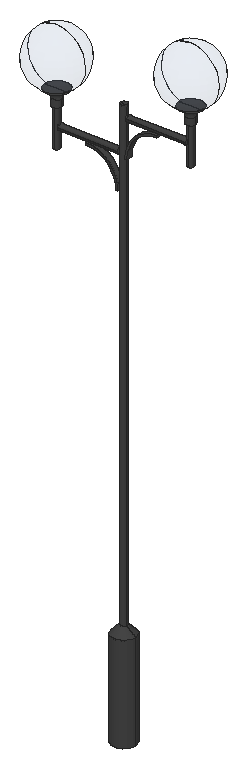
Revit family
Parameters
  Wattage = 9.2903 W
  built-in parameter 1150110 = 1 (stored number, unit not read)
  built-in parameter 1114217 = 1 (stored number, unit not read)
  built-in parameter 1150109 = 1 (stored number, unit not read)
  built-in parameter 1150134 = 3
  built-in parameter 1150113 = 1 (stored number, unit not read)
  Material Post = Metal - Black
  Material Lamp Glazing = Glass - Blue Frosted
  built-in parameter 1150105 = 109.82 (stored number, unit not read)
  Lumens = 1380 lm
  built-in parameter 1150115 = 1 (stored number, unit not read)
  Light Source Symbol Size = 609.6 mm
  built-in parameter 1150137 = (empty or 0)
  built-in parameter 1150139 = (empty or 0)
  built-in parameter 1150112 = 1 (stored number, unit not read)
  built-in parameter 1150114 = 1 (stored number, unit not read)
  Keynote = "V"
  built-in parameter 1150132 = 2
  built-in parameter 1150102 = (empty or 0)
  built-in parameter 1150107 = 3200 (stored number, unit not read)
  built-in parameter 1150138 = (empty or 0)
  built-in parameter 1150106 = 1.0982 (stored number, unit not read)
  Fixture Height = 3000 mm
  built-in parameter 1150104 = 13.8 (stored number, unit not read)
  Dimming Lamp Color Temperature Shift = (empty or 0)
  Color Filter = 16777215
  Base Height = 500 mm
  built-in parameter 1114218 = 1 (stored number, unit not read)
  built-in parameter 1150133 = 10 (stored number, unit not read)
Reference planes
  plane 1 "Light Source Axis (F/B)": y = 0
  plane 2: z = 0
  plane 3 "Light Source Axis (L/R)": x = 0
  plane 4 "Light Source Elevation": z = 3000
Forms (mm)
  Revolve 1, solid, material "Metal - Black" <- "Material Post"
    sketch origin (0, 0, 0) x (1, 0, 0) y (0, 0, 1)
      loop
        line (0, 0) -> (0, 2956.111) -> (-17.574, 2956.111) -> (-17.574, 542.426) -> (-60, 500) -> (-60, 0) -> (0, 0)
      axis (0, 0) -> (0, 2956.111)
    angle from 0 to 360
  Revolve 2, solid, material "Metal - Black" <- "Material Post"
    sketch origin (-97.613, 0, 140) x (1, 0, 0) y (0, 0, 1)
      loop
        line (-248.565, 2689.675) -> (-248.565, 2766.508) -> (-308.565, 2766.508)
        arc (-308.565, 2766.508) -> (-282.726, 2752.568) -> (-273.565, 2724.675) r 39.64
        line (-273.565, 2724.675) -> (-273.565, 2689.675) -> (-248.565, 2689.675)
      axis (-248.565, 2689.675) -> (-248.565, 2766.508)
    angle from 0 to 360
  Revolve 3, solid, material "Glass - Blue Frosted" <- "Material Lamp Glazing"
    sketch origin (-97.613, 0, 140) x (1, 0, 0) y (0, 0, 1)
      loop
        line (-248.565, 2761.508) -> (-248.565, 3058.37)
        arc (-248.565, 3058.37) -> (-397.779, 2923.713) -> (-279.09, 2761.508) r 150
        line (-279.09, 2761.508) -> (-248.565, 2761.508)
      axis (-248.565, 2761.508) -> (-248.565, 3058.37)
    angle from 0 to 360
  Revolve 4, solid, material "Metal - Black"
    sketch origin (97.869, 0, 300) x (-1, 0, 0) y (0, 0, 1)
      loop
        line (-248.565, 2689.675) -> (-248.565, 2766.508) -> (-308.565, 2766.508)
        arc (-308.565, 2766.508) -> (-282.726, 2752.568) -> (-273.565, 2724.675) r 39.64
        line (-273.565, 2724.675) -> (-273.565, 2689.675) -> (-248.565, 2689.675)
      axis (-248.565, 2689.675) -> (-248.565, 2766.508)
    angle from 0 to 360
  Revolve 5, solid, material "Glass - Blue Frosted" <- "Material Lamp Glazing"
    sketch origin (595, 0, 300) x (1, 0, 0) y (0, 0, 1)
      loop
        line (-248.565, 2761.508) -> (-248.565, 3058.37)
        arc (-248.565, 3058.37) -> (-397.779, 2923.713) -> (-279.09, 2761.508) r 150
        line (-279.09, 2761.508) -> (-248.565, 2761.508)
      axis (-248.565, 2761.508) -> (-248.565, 3058.37)
    angle from 0 to 360
  Sweep 6, solid, material "Metal - Black" <- "Material Post"
    path origin (0, 0, 0) x (1, 0, 0) y (0, 0, 1)
      loop
        line (-346.178, 2829.675) -> (-346.178, 2629.675)
    profile origin (0, 0, 2729.675) x (0, -1, 0) y (1, 0, 0)
      loop
        circle (0, -346.178) r 15
  Sweep 7, solid, material "Metal - Black" <- "Material Post"
    path origin (0, 0, 0) x (1, 0, 0) y (0, 0, 1)
      loop
        line (346.435, 2989.675) -> (346.435, 2789.675)
    profile origin (0, 0, 2889.675) x (0, -1, 0) y (1, 0, 0)
      loop
        circle (0, 346.435) r 15
  Sweep 8, solid, material "Metal - Black" <- "Material Post"
    path origin (0, 0, 0) x (1, 0, 0) y (0, 0, 1)
      loop
        arc (-182.505, 2720.357) -> (-62.505, 2670.651) -> (-12.799, 2550.651) r 169.706
    profile origin (-1366.578, 0, 1366.578) x (0.707107, 0, 0.707107) y (0, -1, 0)
      loop
        line (1829.238, 15) -> (1829.238, -15) -> (1839.238, -15) -> (1839.238, 15) -> (1829.238, 15)
  Sweep 9, solid, material "Metal - Black" <- "Material Post"
    path origin (5, 0, 0) x (1, 0, 0) y (0, 0, 1)
      loop
        arc (178.614, 2878.522) -> (62.088, 2830.256) -> (13.822, 2713.73) r 164.792
    profile origin (1448.672, 0, 1448.672) x (0.707107, 0, -0.707107) y (0, -1, 0)
      loop
        line (-1953.854, -15) -> (-1943.854, -15) -> (-1943.854, 15) -> (-1953.854, 15) -> (-1953.854, -15)
  Extrusion 10, solid, material "Metal - Black" <- "Material Post"
    sketch origin (0, 0, -23.109) x (0, 1, 0) y (0, 0, 1)
      loop
        circle (0, 2756.168) r 15
    from -17.827 to -331.081
  Extrusion 11, solid, material "Metal - Black" <- "Material Post"
    sketch origin (351.147, 0, 140.056) x (0, 1, 0) y (0, 0, 1)
      loop
        circle (0, 2756.168) r 15
    from -17.827 to -331.081
Dimensions and locks
  "Base Height": Revolve 1 sketch curve to Revolve 1 sketch curve
  "Fixture Height": plane 4 "Light Source Elevation" to plane 2
  aligned and locked: plane 3 "Light Source Axis (L/R)" to imposter light
  aligned and locked: imposter light to plane 1 "Light Source Axis (F/B)"
  aligned and locked: plane 4 "Light Source Elevation" to imposter light
Automatic sketch dimensions
  Revolve 1 sketch curve to level = 0 mm
  Revolve 1 sketch curve to plane 3 "Light Source Axis (L/R)" = 0 mm  (x2)
  Revolve 1 sketch curve to plane 3 "Light Source Axis (L/R)" = 60 mm
  Revolve 1 sketch curve to Revolve 1 sketch curve = 271.696 mm
  Revolve 1 sketch curve to Revolve 1 sketch curve = 42.426 mm
  plane 4 "Light Source Elevation" to Revolve 1 sketch curve = 43.889 mm
  Revolve 1 sketch curve to plane 4 "Light Source Elevation" = 1165.289 mm
  Revolve 2 sketch curve to plane 3 "Light Source Axis (L/R)" = 410.741 mm
  Revolve 2 sketch curve to Revolve 2 sketch curve = 4.563 mm
  Revolve 2 sketch curve to Revolve 2 sketch curve = 39.563 mm
  Revolve 2 sketch curve to Revolve 2 sketch curve = 25 mm
  Revolve 2 sketch curve to Revolve 2 sketch curve = 0 mm  (x2)
  plane 4 "Light Source Elevation" to Revolve 2 sketch curve = 170.325 mm
  Revolve 2 sketch curve to Revolve 2 sketch curve = 35 mm
  Revolve 2 sketch curve to Revolve 2 sketch curve = 2.458 mm
  Revolve 2 sketch curve to plane 4 "Light Source Elevation" = 279.675 mm
  plane 3 "Light Source Axis (L/R)" to Revolve 4 sketch curve = 410.998 mm
  Revolve 4 sketch curve to Revolve 4 sketch curve = 4.563 mm
  Revolve 4 sketch curve to Revolve 4 sketch curve = 39.563 mm
  Revolve 4 sketch curve to Revolve 4 sketch curve = 25 mm
  Revolve 4 sketch curve to Revolve 4 sketch curve = 0 mm  (x2)
  plane 4 "Light Source Elevation" to Revolve 4 sketch curve = 10.325 mm
  Revolve 4 sketch curve to Revolve 4 sketch curve = 35 mm
  Revolve 4 sketch curve to Revolve 4 sketch curve = 2.458 mm
  Revolve 4 sketch curve to plane 4 "Light Source Elevation" = 439.675 mm
  Revolve 3 sketch curve to plane 3 "Light Source Axis (L/R)" = 376.703 mm
  Revolve 3 sketch curve to Revolve 3 sketch curve = 30.525 mm
  Revolve 3 sketch curve to Revolve 3 sketch curve = 0 mm
  plane 4 "Light Source Elevation" to Revolve 3 sketch curve = 170.325 mm
  Revolve 3 sketch curve to Revolve 3 sketch curve = 71.834 mm
  Revolve 3 sketch curve to plane 4 "Light Source Elevation" = 48.37 mm
  Revolve 3 sketch curve to Revolve 3 sketch curve = 5 mm
  plane 3 "Light Source Axis (L/R)" to Revolve 5 sketch curve = 315.91 mm
  Revolve 5 sketch curve to Revolve 5 sketch curve = 30.525 mm
  Revolve 5 sketch curve to Revolve 5 sketch curve = 0 mm
  plane 4 "Light Source Elevation" to Revolve 5 sketch curve = 10.325 mm
  Revolve 5 sketch curve to Revolve 5 sketch curve = 71.834 mm
  Revolve 5 sketch curve to plane 4 "Light Source Elevation" = 208.37 mm
  Revolve 5 sketch curve to Revolve 5 sketch curve = 5 mm
  Revolve 1 sketch curve to Revolve 1 sketch curve = 17.574 mm
  Sweep 6 sketch curve to plane 3 "Light Source Axis (L/R)" = 346.178 mm
  plane 4 "Light Source Elevation" to Sweep 6 sketch curve = 370.325 mm
  plane 4 "Light Source Elevation" to Sweep 6 sketch curve = 170.325 mm
  Sweep 6 sketch curve to plane 1 "Light Source Axis (F/B)" = 0 mm
  Sweep 6 sketch curve to profile plane = 0 mm
  plane 3 "Light Source Axis (L/R)" to Sweep 7 sketch curve = 346.435 mm
  plane 4 "Light Source Elevation" to Sweep 7 sketch curve = 210.325 mm
  plane 4 "Light Source Elevation" to Sweep 7 sketch curve = 10.325 mm
  Sweep 7 sketch curve to plane 1 "Light Source Axis (F/B)" = 0 mm
  Sweep 7 sketch curve to profile plane = 0 mm
  Sweep 8 sketch curve to plane 3 "Light Source Axis (L/R)" = 182.505 mm
  Sweep 8 sketch curve to plane 3 "Light Source Axis (L/R)" = 12.799 mm
  plane 4 "Light Source Elevation" to Sweep 8 sketch curve = 449.349 mm
  profile plane to Sweep 8 sketch curve = 15 mm
  profile plane to Sweep 8 sketch curve = 5 mm
  Sweep 8 sketch curve to plane 1 "Light Source Axis (F/B)" = 15 mm
  plane 1 "Light Source Axis (F/B)" to Sweep 8 sketch curve = 15 mm
  plane 3 "Light Source Axis (L/R)" to Sweep 9 sketch curve = 18.822 mm
  plane 4 "Light Source Elevation" to Sweep 9 sketch curve = 121.478 mm
  plane 3 "Light Source Axis (L/R)" to Sweep 9 sketch curve = 183.614 mm
  Sweep 9 sketch curve to profile plane = 0 mm
  Sweep 9 sketch curve to profile plane = 10 mm
  Sweep 9 sketch curve to plane 1 "Light Source Axis (F/B)" = 15 mm
  plane 1 "Light Source Axis (F/B)" to Sweep 9 sketch curve = 15 mm
  Extrusion 10 sketch curve to plane 1 "Light Source Axis (F/B)" = 0 mm
  Extrusion 11 sketch curve to plane 1 "Light Source Axis (F/B)" = 0 mm
  plane 4 "Light Source Elevation" to Extrusion 11 sketch curve = 103.777 mm
  plane 4 "Light Source Elevation" to Extrusion 10 sketch curve = 266.942 mm
  radius of Sweep 6 sketch curve = 15 mm
  radius of Sweep 7 sketch curve = 15 mm
  radius of Extrusion 10 sketch curve = 15 mm
  radius of Extrusion 11 sketch curve = 15 mm
